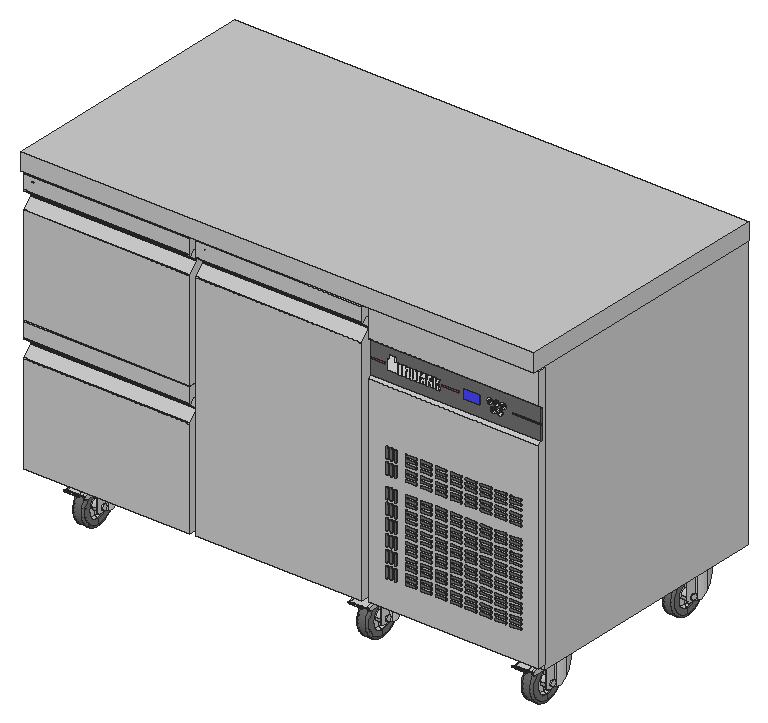
Revit family "QF_INOMAK_PNRP99_250612075801", category Specialty Equipment, Revit 2021 (continued)
Definition of nested family "QF_INOMAK_REF_COUNTERS_1345_2920"
  Definition of nested family "QF_INOMAK_CONRTOL-PANEL"
    Forms (mm)
      Extrusion 1, solid
        sketch origin (-2240, -700, 0) x (-1, 0, 0) y (0, 0, 1)
          loop
            arc (-1918.4, 210.855) -> (-1921.4, 207.855) -> (-1918.4, 204.855) r 3
            line (-1918.4, 204.855) -> (-1894.4, 204.855)
            arc (-1894.4, 204.855) -> (-1891.4, 207.855) -> (-1894.4, 210.855) r 3
            line (-1894.4, 210.855) -> (-1918.4, 210.855)
          loop
            arc (-2191.4, 199.855) -> (-2194.4, 196.855) -> (-2191.4, 193.855) r 3
            line (-2191.4, 193.855) -> (-2167.4, 193.855)
            arc (-2167.4, 193.855) -> (-2164.4, 196.855) -> (-2167.4, 199.855) r 3
            line (-2167.4, 199.855) -> (-2191.4, 199.855)
          loop
            arc (-2152.4, 199.855) -> (-2155.4, 196.855) -> (-2152.4, 193.855) r 3
            line (-2152.4, 193.855) -> (-2128.4, 193.855)
            arc (-2128.4, 193.855) -> (-2125.4, 196.855) -> (-2128.4, 199.855) r 3
            line (-2128.4, 199.855) -> (-2152.4, 199.855)
          loop
            arc (-2113.4, 199.855) -> (-2116.4, 196.855) -> (-2113.4, 193.855) r 3
            line (-2113.4, 193.855) -> (-2089.4, 193.855)
            arc (-2089.4, 193.855) -> (-2086.4, 196.855) -> (-2089.4, 199.855) r 3
            line (-2089.4, 199.855) -> (-2113.4, 199.855)
          loop
            arc (-2074.4, 199.855) -> (-2077.4, 196.855) -> (-2074.4, 193.855) r 3
            line (-2074.4, 193.855) -> (-2050.4, 193.855)
            arc (-2050.4, 193.855) -> (-2047.4, 196.855) -> (-2050.4, 199.855) r 3
            line (-2050.4, 199.855) -> (-2074.4, 199.855)
          loop
            arc (-2035.4, 199.855) -> (-2038.4, 196.855) -> (-2035.4, 193.855) r 3
            line (-2035.4, 193.855) -> (-2011.4, 193.855)
            arc (-2011.4, 193.855) -> (-2008.4, 196.855) -> (-2011.4, 199.855) r 3
            line (-2011.4, 199.855) -> (-2035.4, 199.855)
          loop
            arc (-1996.4, 199.855) -> (-1999.4, 196.855) -> (-1996.4, 193.855) r 3
            line (-1996.4, 193.855) -> (-1972.4, 193.855)
            arc (-1972.4, 193.855) -> (-1969.4, 196.855) -> (-1972.4, 199.855) r 3
            line (-1972.4, 199.855) -> (-1996.4, 199.855)
          loop
            arc (-1957.4, 199.855) -> (-1960.4, 196.855) -> (-1957.4, 193.855) r 3
            line (-1957.4, 193.855) -> (-1933.4, 193.855)
            arc (-1933.4, 193.855) -> (-1930.4, 196.855) -> (-1933.4, 199.855) r 3
            line (-1933.4, 199.855) -> (-1957.4, 199.855)
          loop
            arc (-1918.4, 199.855) -> (-1921.4, 196.855) -> (-1918.4, 193.855) r 3
            line (-1918.4, 193.855) -> (-1894.4, 193.855)
            arc (-1894.4, 193.855) -> (-1891.4, 196.855) -> (-1894.4, 199.855) r 3
            line (-1894.4, 199.855) -> (-1918.4, 199.855)
          loop
            arc (-2191.4, 184.855) -> (-2194.4, 181.855) -> (-2191.4, 178.855) r 3
            line (-2191.4, 178.855) -> (-2167.4, 178.855)
            arc (-2167.4, 178.855) -> (-2164.4, 181.855) -> (-2167.4, 184.855) r 3
            line (-2167.4, 184.855) -> (-2191.4, 184.855)
          loop
            arc (-2152.4, 184.855) -> (-2155.4, 181.855) -> (-2152.4, 178.855) r 3
            line (-2152.4, 178.855) -> (-2128.4, 178.855)
            arc (-2128.4, 178.855) -> (-2125.4, 181.855) -> (-2128.4, 184.855) r 3
            line (-2128.4, 184.855) -> (-2152.4, 184.855)
          loop
            arc (-2113.4, 184.855) -> (-2116.4, 181.855) -> (-2113.4, 178.855) r 3
            line (-2113.4, 178.855) -> (-2089.4, 178.855)
            arc (-2089.4, 178.855) -> (-2086.4, 181.855) -> (-2089.4, 184.855) r 3
            line (-2089.4, 184.855) -> (-2113.4, 184.855)
          loop
            arc (-2074.4, 184.855) -> (-2077.4, 181.855) -> (-2074.4, 178.855) r 3
            line (-2074.4, 178.855) -> (-2050.4, 178.855)
            arc (-2050.4, 178.855) -> (-2047.4, 181.855) -> (-2050.4, 184.855) r 3
            line (-2050.4, 184.855) -> (-2074.4, 184.855)
          loop
            arc (-2035.4, 184.855) -> (-2038.4, 181.855) -> (-2035.4, 178.855) r 3
            line (-2035.4, 178.855) -> (-2011.4, 178.855)
            arc (-2011.4, 178.855) -> (-2008.4, 181.855) -> (-2011.4, 184.855) r 3
            line (-2011.4, 184.855) -> (-2035.4, 184.855)
          loop
            arc (-1996.4, 184.855) -> (-1999.4, 181.855) -> (-1996.4, 178.855) r 3
            line (-1996.4, 178.855) -> (-1972.4, 178.855)
            arc (-1972.4, 178.855) -> (-1969.4, 181.855) -> (-1972.4, 184.855) r 3
            line (-1972.4, 184.855) -> (-1996.4, 184.855)
          loop
            arc (-1957.4, 184.855) -> (-1960.4, 181.855) -> (-1957.4, 178.855) r 3
            line (-1957.4, 178.855) -> (-1933.4, 178.855)
            arc (-1933.4, 178.855) -> (-1930.4, 181.855) -> (-1933.4, 184.855) r 3
            line (-1933.4, 184.855) -> (-1957.4, 184.855)
          loop
            arc (-1918.4, 184.855) -> (-1921.4, 181.855) -> (-1918.4, 178.855) r 3
            line (-1918.4, 178.855) -> (-1894.4, 178.855)
            arc (-1894.4, 178.855) -> (-1891.4, 181.855) -> (-1894.4, 184.855) r 3
            line (-1894.4, 184.855) -> (-1918.4, 184.855)
          loop
            arc (-2191.4, 173.855) -> (-2194.4, 170.855) -> (-2191.4, 167.855) r 3
            line (-2191.4, 167.855) -> (-2167.4, 167.855)
            arc (-2167.4, 167.855) -> (-2164.4, 170.855) -> (-2167.4, 173.855) r 3
            line (-2167.4, 173.855) -> (-2191.4, 173.855)
          loop
            arc (-2152.4, 173.855) -> (-2155.4, 170.855) -> (-2152.4, 167.855) r 3
            line (-2152.4, 167.855) -> (-2128.4, 167.855)
            arc (-2128.4, 167.855) -> (-2125.4, 170.855) -> (-2128.4, 173.855) r 3
            line (-2128.4, 173.855) -> (-2152.4, 173.855)
          loop
            arc (-2113.4, 173.855) -> (-2116.4, 170.855) -> (-2113.4, 167.855) r 3
            line (-2113.4, 167.855) -> (-2089.4, 167.855)
            arc (-2089.4, 167.855) -> (-2086.4, 170.855) -> (-2089.4, 173.855) r 3
            line (-2089.4, 173.855) -> (-2113.4, 173.855)
          loop
            arc (-2074.4, 173.855) -> (-2077.4, 170.855) -> (-2074.4, 167.855) r 3
            line (-2074.4, 167.855) -> (-2050.4, 167.855)
            arc (-2050.4, 167.855) -> (-2047.4, 170.855) -> (-2050.4, 173.855) r 3
            line (-2050.4, 173.855) -> (-2074.4, 173.855)
          loop
            arc (-2035.4, 173.855) -> (-2038.4, 170.855) -> (-2035.4, 167.855) r 3
            line (-2035.4, 167.855) -> (-2011.4, 167.855)
            arc (-2011.4, 167.855) -> (-2008.4, 170.855) -> (-2011.4, 173.855) r 3
            line (-2011.4, 173.855) -> (-2035.4, 173.855)
          loop
            arc (-1996.4, 173.855) -> (-1999.4, 170.855) -> (-1996.4, 167.855) r 3
            line (-1996.4, 167.855) -> (-1972.4, 167.855)
            arc (-1972.4, 167.855) -> (-1969.4, 170.855) -> (-1972.4, 173.855) r 3
            line (-1972.4, 173.855) -> (-1996.4, 173.855)
          loop
            arc (-1957.4, 173.855) -> (-1960.4, 170.855) -> (-1957.4, 167.855) r 3
            line (-1957.4, 167.855) -> (-1933.4, 167.855)
            arc (-1933.4, 167.855) -> (-1930.4, 170.855) -> (-1933.4, 173.855) r 3
            line (-1933.4, 173.855) -> (-1957.4, 173.855)
          loop
            arc (-1918.4, 173.855) -> (-1921.4, 170.855) -> (-1918.4, 167.855) r 3
            line (-1918.4, 167.855) -> (-1894.4, 167.855)
            arc (-1894.4, 167.855) -> (-1891.4, 170.855) -> (-1894.4, 173.855) r 3
            line (-1894.4, 173.855) -> (-1918.4, 173.855)
          loop
            arc (-2191.4, 162.855) -> (-2194.4, 159.855) -> (-2191.4, 156.855) r 3
            line (-2191.4, 156.855) -> (-2167.4, 156.855)
            arc (-2167.4, 156.855) -> (-2164.4, 159.855) -> (-2167.4, 162.855) r 3
            line (-2167.4, 162.855) -> (-2191.4, 162.855)
          loop
            arc (-2152.4, 162.855) -> (-2155.4, 159.855) -> (-2152.4, 156.855) r 3
            line (-2152.4, 156.855) -> (-2128.4, 156.855)
            arc (-2128.4, 156.855) -> (-2125.4, 159.855) -> (-2128.4, 162.855) r 3
            line (-2128.4, 162.855) -> (-2152.4, 162.855)
          loop
            arc (-2113.4, 162.855) -> (-2116.4, 159.855) -> (-2113.4, 156.855) r 3
            line (-2113.4, 156.855) -> (-2089.4, 156.855)
            arc (-2089.4, 156.855) -> (-2086.4, 159.855) -> (-2089.4, 162.855) r 3
            line (-2089.4, 162.855) -> (-2113.4, 162.855)
          loop
            arc (-2074.4, 162.855) -> (-2077.4, 159.855) -> (-2074.4, 156.855) r 3
            line (-2074.4, 156.855) -> (-2050.4, 156.855)
            arc (-2050.4, 156.855) -> (-2047.4, 159.855) -> (-2050.4, 162.855) r 3
            line (-2050.4, 162.855) -> (-2074.4, 162.855)
          loop
            arc (-2035.4, 162.855) -> (-2038.4, 159.855) -> (-2035.4, 156.855) r 3
            line (-2035.4, 156.855) -> (-2011.4, 156.855)
            arc (-2011.4, 156.855) -> (-2008.4, 159.855) -> (-2011.4, 162.855) r 3
            line (-2011.4, 162.855) -> (-2035.4, 162.855)
          loop
            arc (-1996.4, 162.855) -> (-1999.4, 159.855) -> (-1996.4, 156.855) r 3
            line (-1996.4, 156.855) -> (-1972.4, 156.855)
            arc (-1972.4, 156.855) -> (-1969.4, 159.855) -> (-1972.4, 162.855) r 3
            line (-1972.4, 162.855) -> (-1996.4, 162.855)
          loop
            arc (-1957.4, 162.855) -> (-1960.4, 159.855) -> (-1957.4, 156.855) r 3
            line (-1957.4, 156.855) -> (-1933.4, 156.855)
            arc (-1933.4, 156.855) -> (-1930.4, 159.855) -> (-1933.4, 162.855) r 3
            line (-1933.4, 162.855) -> (-1957.4, 162.855)
          loop
            arc (-1918.4, 162.855) -> (-1921.4, 159.855) -> (-1918.4, 156.855) r 3
            line (-1918.4, 156.855) -> (-1894.4, 156.855)
            arc (-1894.4, 156.855) -> (-1891.4, 159.855) -> (-1894.4, 162.855) r 3
            line (-1894.4, 162.855) -> (-1918.4, 162.855)
          loop
            arc (-2191.4, 147.855) -> (-2194.4, 144.855) -> (-2191.4, 141.855) r 3
            line (-2191.4, 141.855) -> (-2167.4, 141.855)
            arc (-2167.4, 141.855) -> (-2164.4, 144.855) -> (-2167.4, 147.855) r 3
            line (-2167.4, 147.855) -> (-2191.4, 147.855)
          loop
            arc (-2152.4, 147.855) -> (-2155.4, 144.855) -> (-2152.4, 141.855) r 3
            line (-2152.4, 141.855) -> (-2128.4, 141.855)
            arc (-2128.4, 141.855) -> (-2125.4, 144.855) -> (-2128.4, 147.855) r 3
            line (-2128.4, 147.855) -> (-2152.4, 147.855)
          loop
            arc (-2113.4, 147.855) -> (-2116.4, 144.855) -> (-2113.4, 141.855) r 3
            line (-2113.4, 141.855) -> (-2089.4, 141.855)
            arc (-2089.4, 141.855) -> (-2086.4, 144.855) -> (-2089.4, 147.855) r 3
            line (-2089.4, 147.855) -> (-2113.4, 147.855)
          loop
            arc (-2074.4, 147.855) -> (-2077.4, 144.855) -> (-2074.4, 141.855) r 3
            line (-2074.4, 141.855) -> (-2050.4, 141.855)
            arc (-2050.4, 141.855) -> (-2047.4, 144.855) -> (-2050.4, 147.855) r 3
            line (-2050.4, 147.855) -> (-2074.4, 147.855)
          loop
            arc (-2035.4, 147.855) -> (-2038.4, 144.855) -> (-2035.4, 141.855) r 3
            line (-2035.4, 141.855) -> (-2011.4, 141.855)
            arc (-2011.4, 141.855) -> (-2008.4, 144.855) -> (-2011.4, 147.855) r 3
            line (-2011.4, 147.855) -> (-2035.4, 147.855)
          loop
            arc (-1996.4, 147.855) -> (-1999.4, 144.855) -> (-1996.4, 141.855) r 3
            line (-1996.4, 141.855) -> (-1972.4, 141.855)
            arc (-1972.4, 141.855) -> (-1969.4, 144.855) -> (-1972.4, 147.855) r 3
            line (-1972.4, 147.855) -> (-1996.4, 147.855)
          loop
            arc (-1957.4, 147.855) -> (-1960.4, 144.855) -> (-1957.4, 141.855) r 3
            line (-1957.4, 141.855) -> (-1933.4, 141.855)
            arc (-1933.4, 141.855) -> (-1930.4, 144.855) -> (-1933.4, 147.855) r 3
            line (-1933.4, 147.855) -> (-1957.4, 147.855)
          loop
            arc (-1918.4, 147.855) -> (-1921.4, 144.855) -> (-1918.4, 141.855) r 3
            line (-1918.4, 141.855) -> (-1894.4, 141.855)
            arc (-1894.4, 141.855) -> (-1891.4, 144.855) -> (-1894.4, 147.855) r 3
            line (-1894.4, 147.855) -> (-1918.4, 147.855)
          loop
            arc (-2191.4, 136.855) -> (-2194.4, 133.855) -> (-2191.4, 130.855) r 3
            line (-2191.4, 130.855) -> (-2167.4, 130.855)
            arc (-2167.4, 130.855) -> (-2164.4, 133.855) -> (-2167.4, 136.855) r 3
            line (-2167.4, 136.855) -> (-2191.4, 136.855)
          loop
            arc (-2152.4, 136.855) -> (-2155.4, 133.855) -> (-2152.4, 130.855) r 3
            line (-2152.4, 130.855) -> (-2128.4, 130.855)
            arc (-2128.4, 130.855) -> (-2125.4, 133.855) -> (-2128.4, 136.855) r 3
            line (-2128.4, 136.855) -> (-2152.4, 136.855)
          loop
            arc (-2113.4, 136.855) -> (-2116.4, 133.855) -> (-2113.4, 130.855) r 3
            line (-2113.4, 130.855) -> (-2089.4, 130.855)
            arc (-2089.4, 130.855) -> (-2086.4, 133.855) -> (-2089.4, 136.855) r 3
            line (-2089.4, 136.855) -> (-2113.4, 136.855)
          loop
            arc (-2074.4, 136.855) -> (-2077.4, 133.855) -> (-2074.4, 130.855) r 3
            line (-2074.4, 130.855) -> (-2050.4, 130.855)
            arc (-2050.4, 130.855) -> (-2047.4, 133.855) -> (-2050.4, 136.855) r 3
            line (-2050.4, 136.855) -> (-2074.4, 136.855)
          loop
            arc (-2035.4, 136.855) -> (-2038.4, 133.855) -> (-2035.4, 130.855) r 3
            line (-2035.4, 130.855) -> (-2011.4, 130.855)
            arc (-2011.4, 130.855) -> (-2008.4, 133.855) -> (-2011.4, 136.855) r 3
            line (-2011.4, 136.855) -> (-2035.4, 136.855)
          loop
            arc (-1996.4, 136.855) -> (-1999.4, 133.855) -> (-1996.4, 130.855) r 3
            line (-1996.4, 130.855) -> (-1972.4, 130.855)
            arc (-1972.4, 130.855) -> (-1969.4, 133.855) -> (-1972.4, 136.855) r 3
            line (-1972.4, 136.855) -> (-1996.4, 136.855)
          loop
            arc (-1957.4, 136.855) -> (-1960.4, 133.855) -> (-1957.4, 130.855) r 3
            line (-1957.4, 130.855) -> (-1933.4, 130.855)
            arc (-1933.4, 130.855) -> (-1930.4, 133.855) -> (-1933.4, 136.855) r 3
            line (-1933.4, 136.855) -> (-1957.4, 136.855)
          loop
            arc (-1918.4, 136.855) -> (-1921.4, 133.855) -> (-1918.4, 130.855) r 3
            line (-1918.4, 130.855) -> (-1894.4, 130.855)
            arc (-1894.4, 130.855) -> (-1891.4, 133.855) -> (-1894.4, 136.855) r 3
            line (-1894.4, 136.855) -> (-1918.4, 136.855)
          loop
            arc (-2191.4, 125.855) -> (-2194.4, 122.855) -> (-2191.4, 119.855) r 3
            line (-2191.4, 119.855) -> (-2167.4, 119.855)
            arc (-2167.4, 119.855) -> (-2164.4, 122.855) -> (-2167.4, 125.855) r 3
            line (-2167.4, 125.855) -> (-2191.4, 125.855)
          loop
            arc (-2152.4, 125.855) -> (-2155.4, 122.855) -> (-2152.4, 119.855) r 3
            line (-2152.4, 119.855) -> (-2128.4, 119.855)
            arc (-2128.4, 119.855) -> (-2125.4, 122.855) -> (-2128.4, 125.855) r 3
            line (-2128.4, 125.855) -> (-2152.4, 125.855)
          loop
            arc (-2113.4, 125.855) -> (-2116.4, 122.855) -> (-2113.4, 119.855) r 3
            line (-2113.4, 119.855) -> (-2089.4, 119.855)
            arc (-2089.4, 119.855) -> (-2086.4, 122.855) -> (-2089.4, 125.855) r 3
            line (-2089.4, 125.855) -> (-2113.4, 125.855)
          loop
            arc (-2074.4, 125.855) -> (-2077.4, 122.855) -> (-2074.4, 119.855) r 3
            line (-2074.4, 119.855) -> (-2050.4, 119.855)
            arc (-2050.4, 119.855) -> (-2047.4, 122.855) -> (-2050.4, 125.855) r 3
            line (-2050.4, 125.855) -> (-2074.4, 125.855)
          loop
            arc (-2035.4, 125.855) -> (-2038.4, 122.855) -> (-2035.4, 119.855) r 3
            line (-2035.4, 119.855) -> (-2011.4, 119.855)
            arc (-2011.4, 119.855) -> (-2008.4, 122.855) -> (-2011.4, 125.855) r 3
            line (-2011.4, 125.855) -> (-2035.4, 125.855)
          loop
            arc (-1996.4, 125.855) -> (-1999.4, 122.855) -> (-1996.4, 119.855) r 3
            line (-1996.4, 119.855) -> (-1972.4, 119.855)
            arc (-1972.4, 119.855) -> (-1969.4, 122.855) -> (-1972.4, 125.855) r 3
            line (-1972.4, 125.855) -> (-1996.4, 125.855)
          loop
            arc (-1957.4, 125.855) -> (-1960.4, 122.855) -> (-1957.4, 119.855) r 3
            line (-1957.4, 119.855) -> (-1933.4, 119.855)
            arc (-1933.4, 119.855) -> (-1930.4, 122.855) -> (-1933.4, 125.855) r 3
            line (-1933.4, 125.855) -> (-1957.4, 125.855)
          loop
            arc (-1918.4, 125.855) -> (-1921.4, 122.855) -> (-1918.4, 119.855) r 3
            line (-1918.4, 119.855) -> (-1894.4, 119.855)
            arc (-1894.4, 119.855) -> (-1891.4, 122.855) -> (-1894.4, 125.855) r 3
            line (-1894.4, 125.855) -> (-1918.4, 125.855)
          loop
            arc (-2191.4, 110.855) -> (-2194.4, 107.855) -> (-2191.4, 104.855) r 3
            line (-2191.4, 104.855) -> (-2167.4, 104.855)
            arc (-2167.4, 104.855) -> (-2164.4, 107.855) -> (-2167.4, 110.855) r 3
            line (-2167.4, 110.855) -> (-2191.4, 110.855)
          loop
            arc (-2152.4, 110.855) -> (-2155.4, 107.855) -> (-2152.4, 104.855) r 3
            line (-2152.4, 104.855) -> (-2128.4, 104.855)
            arc (-2128.4, 104.855) -> (-2125.4, 107.855) -> (-2128.4, 110.855) r 3
            line (-2128.4, 110.855) -> (-2152.4, 110.855)
          loop
            arc (-2113.4, 110.855) -> (-2116.4, 107.855) -> (-2113.4, 104.855) r 3
            line (-2113.4, 104.855) -> (-2089.4, 104.855)
            arc (-2089.4, 104.855) -> (-2086.4, 107.855) -> (-2089.4, 110.855) r 3
            line (-2089.4, 110.855) -> (-2113.4, 110.855)
          loop
            arc (-2074.4, 110.855) -> (-2077.4, 107.855) -> (-2074.4, 104.855) r 3
            line (-2074.4, 104.855) -> (-2050.4, 104.855)
            arc (-2050.4, 104.855) -> (-2047.4, 107.855) -> (-2050.4, 110.855) r 3
            line (-2050.4, 110.855) -> (-2074.4, 110.855)
          loop
            arc (-2035.4, 110.855) -> (-2038.4, 107.855) -> (-2035.4, 104.855) r 3
            line (-2035.4, 104.855) -> (-2011.4, 104.855)
            arc (-2011.4, 104.855) -> (-2008.4, 107.855) -> (-2011.4, 110.855) r 3
            line (-2011.4, 110.855) -> (-2035.4, 110.855)
          loop
            arc (-1996.4, 110.855) -> (-1999.4, 107.855) -> (-1996.4, 104.855) r 3
            line (-1996.4, 104.855) -> (-1972.4, 104.855)
            arc (-1972.4, 104.855) -> (-1969.4, 107.855) -> (-1972.4, 110.855) r 3
            line (-1972.4, 110.855) -> (-1996.4, 110.855)
          loop
            arc (-1957.4, 110.855) -> (-1960.4, 107.855) -> (-1957.4, 104.855) r 3
            line (-1957.4, 104.855) -> (-1933.4, 104.855)
            arc (-1933.4, 104.855) -> (-1930.4, 107.855) -> (-1933.4, 110.855) r 3
            line (-1933.4, 110.855) -> (-1957.4, 110.855)
          loop
            arc (-1918.4, 110.855) -> (-1921.4, 107.855) -> (-1918.4, 104.855) r 3
            line (-1918.4, 104.855) -> (-1894.4, 104.855)
            arc (-1894.4, 104.855) -> (-1891.4, 107.855) -> (-1894.4, 110.855) r 3
            line (-1894.4, 110.855) -> (-1918.4, 110.855)
          loop
            arc (-2191.4, 99.855) -> (-2194.4, 96.855) -> (-2191.4, 93.855) r 3
            line (-2191.4, 93.855) -> (-2167.4, 93.855)
            arc (-2167.4, 93.855) -> (-2164.4, 96.855) -> (-2167.4, 99.855) r 3
            line (-2167.4, 99.855) -> (-2191.4, 99.855)
          loop
            arc (-2152.4, 99.855) -> (-2155.4, 96.855) -> (-2152.4, 93.855) r 3
            line (-2152.4, 93.855) -> (-2128.4, 93.855)
            arc (-2128.4, 93.855) -> (-2125.4, 96.855) -> (-2128.4, 99.855) r 3
            line (-2128.4, 99.855) -> (-2152.4, 99.855)
          loop
            arc (-2113.4, 99.855) -> (-2116.4, 96.855) -> (-2113.4, 93.855) r 3
            line (-2113.4, 93.855) -> (-2089.4, 93.855)
            arc (-2089.4, 93.855) -> (-2086.4, 96.855) -> (-2089.4, 99.855) r 3
            line (-2089.4, 99.855) -> (-2113.4, 99.855)
          loop
            arc (-2074.4, 99.855) -> (-2077.4, 96.855) -> (-2074.4, 93.855) r 3
            line (-2074.4, 93.855) -> (-2050.4, 93.855)
            arc (-2050.4, 93.855) -> (-2047.4, 96.855) -> (-2050.4, 99.855) r 3
            line (-2050.4, 99.855) -> (-2074.4, 99.855)
          loop
            arc (-2035.4, 99.855) -> (-2038.4, 96.855) -> (-2035.4, 93.855) r 3
            line (-2035.4, 93.855) -> (-2011.4, 93.855)
            arc (-2011.4, 93.855) -> (-2008.4, 96.855) -> (-2011.4, 99.855) r 3
            line (-2011.4, 99.855) -> (-2035.4, 99.855)
          loop
            arc (-1996.4, 99.855) -> (-1999.4, 96.855) -> (-1996.4, 93.855) r 3
            line (-1996.4, 93.855) -> (-1972.4, 93.855)
            arc (-1972.4, 93.855) -> (-1969.4, 96.855) -> (-1972.4, 99.855) r 3
            line (-1972.4, 99.855) -> (-1996.4, 99.855)
          loop
            arc (-1957.4, 99.855) -> (-1960.4, 96.855) -> (-1957.4, 93.855) r 3
            line (-1957.4, 93.855) -> (-1933.4, 93.855)
            arc (-1933.4, 93.855) -> (-1930.4, 96.855) -> (-1933.4, 99.855) r 3
            line (-1933.4, 99.855) -> (-1957.4, 99.855)
          loop
            arc (-1918.4, 99.855) -> (-1921.4, 96.855) -> (-1918.4, 93.855) r 3
            line (-1918.4, 93.855) -> (-1894.4, 93.855)
            arc (-1894.4, 93.855) -> (-1891.4, 96.855) -> (-1894.4, 99.855) r 3
            line (-1894.4, 99.855) -> (-1918.4, 99.855)
          loop
            arc (-2191.4, 88.855) -> (-2194.4, 85.855) -> (-2191.4, 82.855) r 3
            line (-2191.4, 82.855) -> (-2167.4, 82.855)
            arc (-2167.4, 82.855) -> (-2164.4, 85.855) -> (-2167.4, 88.855) r 3
            line (-2167.4, 88.855) -> (-2191.4, 88.855)
          loop
            arc (-2152.4, 88.855) -> (-2155.4, 85.855) -> (-2152.4, 82.855) r 3
            line (-2152.4, 82.855) -> (-2128.4, 82.855)
            arc (-2128.4, 82.855) -> (-2125.4, 85.855) -> (-2128.4, 88.855) r 3
            line (-2128.4, 88.855) -> (-2152.4, 88.855)
          loop
            arc (-2113.4, 88.855) -> (-2116.4, 85.855) -> (-2113.4, 82.855) r 3
            line (-2113.4, 82.855) -> (-2089.4, 82.855)
            arc (-2089.4, 82.855) -> (-2086.4, 85.855) -> (-2089.4, 88.855) r 3
            line (-2089.4, 88.855) -> (-2113.4, 88.855)
          loop
            arc (-2074.4, 88.855) -> (-2077.4, 85.855) -> (-2074.4, 82.855) r 3
            line (-2074.4, 82.855) -> (-2050.4, 82.855)
            arc (-2050.4, 82.855) -> (-2047.4, 85.855) -> (-2050.4, 88.855) r 3
            line (-2050.4, 88.855) -> (-2074.4, 88.855)
          loop
            arc (-2035.4, 88.855) -> (-2038.4, 85.855) -> (-2035.4, 82.855) r 3
            line (-2035.4, 82.855) -> (-2011.4, 82.855)
            arc (-2011.4, 82.855) -> (-2008.4, 85.855) -> (-2011.4, 88.855) r 3
            line (-2011.4, 88.855) -> (-2035.4, 88.855)
          loop
            arc (-1996.4, 88.855) -> (-1999.4, 85.855) -> (-1996.4, 82.855) r 3
            line (-1996.4, 82.855) -> (-1972.4, 82.855)
            arc (-1972.4, 82.855) -> (-1969.4, 85.855) -> (-1972.4, 88.855) r 3
            line (-1972.4, 88.855) -> (-1996.4, 88.855)
          loop
            arc (-1957.4, 88.855) -> (-1960.4, 85.855) -> (-1957.4, 82.855) r 3
            line (-1957.4, 82.855) -> (-1933.4, 82.855)
            arc (-1933.4, 82.855) -> (-1930.4, 85.855) -> (-1933.4, 88.855) r 3
            line (-1933.4, 88.855) -> (-1957.4, 88.855)
          loop
            arc (-1918.4, 88.855) -> (-1921.4, 85.855) -> (-1918.4, 82.855) r 3
            line (-1918.4, 82.855) -> (-1894.4, 82.855)
            arc (-1894.4, 82.855) -> (-1891.4, 85.855) -> (-1894.4, 88.855) r 3
            line (-1894.4, 88.855) -> (-1918.4, 88.855)
          loop
            arc (-1840.4, 387.855) -> (-1843.4, 390.855) -> (-1846.4, 387.855) r 3
            line (-1846.4, 387.855) -> (-1846.4, 363.855)
            arc (-1846.4, 363.855) -> (-1843.4, 360.855) -> (-1840.4, 363.855) r 3
            line (-1840.4, 363.855) -> (-1840.4, 387.855)
          loop
            arc (-1851.4, 387.855) -> (-1854.4, 390.855) -> (-1857.4, 387.855) r 3
            line (-1857.4, 387.855) -> (-1857.4, 363.855)
            arc (-1857.4, 363.855) -> (-1854.4, 360.855) -> (-1851.4, 363.855) r 3
            line (-1851.4, 363.855) -> (-1851.4, 387.855)
          loop
            arc (-1862.4, 387.855) -> (-1865.4, 390.855) -> (-1868.4, 387.855) r 3
            line (-1868.4, 387.855) -> (-1868.4, 363.855)
            arc (-1868.4, 363.855) -> (-1865.4, 360.855) -> (-1862.4, 363.855) r 3
            line (-1862.4, 363.855) -> (-1862.4, 387.855)
          loop
            arc (-1840.4, 350.855) -> (-1843.4, 353.855) -> (-1846.4, 350.855) r 3
            line (-1846.4, 350.855) -> (-1846.4, 326.855)
            arc (-1846.4, 326.855) -> (-1843.4, 323.855) -> (-1840.4, 326.855) r 3
            line (-1840.4, 326.855) -> (-1840.4, 350.855)
          loop
            arc (-1851.4, 350.855) -> (-1854.4, 353.855) -> (-1857.4, 350.855) r 3
            line (-1857.4, 350.855) -> (-1857.4, 326.855)
            arc (-1857.4, 326.855) -> (-1854.4, 323.855) -> (-1851.4, 326.855) r 3
            line (-1851.4, 326.855) -> (-1851.4, 350.855)
          loop
            arc (-1862.4, 350.855) -> (-1865.4, 353.855) -> (-1868.4, 350.855) r 3
            line (-1868.4, 350.855) -> (-1868.4, 326.855)
            arc (-1868.4, 326.855) -> (-1865.4, 323.855) -> (-1862.4, 326.855) r 3
            line (-1862.4, 326.855) -> (-1862.4, 350.855)
          loop
            arc (-1840.4, 293.855) -> (-1843.4, 296.855) -> (-1846.4, 293.855) r 3
            line (-1846.4, 293.855) -> (-1846.4, 269.855)
            arc (-1846.4, 269.855) -> (-1843.4, 266.855) -> (-1840.4, 269.855) r 3
            line (-1840.4, 269.855) -> (-1840.4, 293.855)
          loop
            arc (-1851.4, 293.855) -> (-1854.4, 296.855) -> (-1857.4, 293.855) r 3
            line (-1857.4, 293.855) -> (-1857.4, 269.855)
            arc (-1857.4, 269.855) -> (-1854.4, 266.855) -> (-1851.4, 269.855) r 3
            line (-1851.4, 269.855) -> (-1851.4, 293.855)
          loop
            arc (-1862.4, 293.855) -> (-1865.4, 296.855) -> (-1868.4, 293.855) r 3
            line (-1868.4, 293.855) -> (-1868.4, 269.855)
            arc (-1868.4, 269.855) -> (-1865.4, 266.855) -> (-1862.4, 269.855) r 3
            line (-1862.4, 269.855) -> (-1862.4, 293.855)
          loop
            arc (-1840.4, 256.855) -> (-1843.4, 259.855) -> (-1846.4, 256.855) r 3
            line (-1846.4, 256.855) -> (-1846.4, 232.855)
            arc (-1846.4, 232.855) -> (-1843.4, 229.855) -> (-1840.4, 232.855) r 3
            line (-1840.4, 232.855) -> (-1840.4, 256.855)
          loop
            arc (-1851.4, 256.855) -> (-1854.4, 259.855) -> (-1857.4, 256.855) r 3
            line (-1857.4, 256.855) -> (-1857.4, 232.855)
            arc (-1857.4, 232.855) -> (-1854.4, 229.855) -> (-1851.4, 232.855) r 3
            line (-1851.4, 232.855) -> (-1851.4, 256.855)
          loop
            arc (-1862.4, 256.855) -> (-1865.4, 259.855) -> (-1868.4, 256.855) r 3
            line (-1868.4, 256.855) -> (-1868.4, 232.855)
            arc (-1868.4, 232.855) -> (-1865.4, 229.855) -> (-1862.4, 232.855) r 3
            line (-1862.4, 232.855) -> (-1862.4, 256.855)
          loop
            arc (-1840.4, 219.855) -> (-1843.4, 222.855) -> (-1846.4, 219.855) r 3
            line (-1846.4, 219.855) -> (-1846.4, 195.855)
            arc (-1846.4, 195.855) -> (-1843.4, 192.855) -> (-1840.4, 195.855) r 3
            line (-1840.4, 195.855) -> (-1840.4, 219.855)
          loop
            arc (-1851.4, 219.855) -> (-1854.4, 222.855) -> (-1857.4, 219.855) r 3
            line (-1857.4, 219.855) -> (-1857.4, 195.855)
            arc (-1857.4, 195.855) -> (-1854.4, 192.855) -> (-1851.4, 195.855) r 3
            line (-1851.4, 195.855) -> (-1851.4, 219.855)
          loop
            arc (-1862.4, 219.855) -> (-1865.4, 222.855) -> (-1868.4, 219.855) r 3
            line (-1868.4, 219.855) -> (-1868.4, 195.855)
            arc (-1868.4, 195.855) -> (-1865.4, 192.855) -> (-1862.4, 195.855) r 3
            line (-1862.4, 195.855) -> (-1862.4, 219.855)
          loop
            arc (-1840.4, 182.855) -> (-1843.4, 185.855) -> (-1846.4, 182.855) r 3
            line (-1846.4, 182.855) -> (-1846.4, 158.855)
            arc (-1846.4, 158.855) -> (-1843.4, 155.855) -> (-1840.4, 158.855) r 3
            line (-1840.4, 158.855) -> (-1840.4, 182.855)
          loop
            arc (-1851.4, 182.855) -> (-1854.4, 185.855) -> (-1857.4, 182.855) r 3
            line (-1857.4, 182.855) -> (-1857.4, 158.855)
            arc (-1857.4, 158.855) -> (-1854.4, 155.855) -> (-1851.4, 158.855) r 3
            line (-1851.4, 158.855) -> (-1851.4, 182.855)
          loop
            arc (-1862.4, 182.855) -> (-1865.4, 185.855) -> (-1868.4, 182.855) r 3
            line (-1868.4, 182.855) -> (-1868.4, 158.855)
            arc (-1868.4, 158.855) -> (-1865.4, 155.855) -> (-1862.4, 158.855) r 3
            line (-1862.4, 158.855) -> (-1862.4, 182.855)
          loop
            arc (-1840.4, 145.855) -> (-1843.4, 148.855) -> (-1846.4, 145.855) r 3
            line (-1846.4, 145.855) -> (-1846.4, 121.855)
            arc (-1846.4, 121.855) -> (-1843.4, 118.855) -> (-1840.4, 121.855) r 3
            line (-1840.4, 121.855) -> (-1840.4, 145.855)
          loop
            arc (-1851.4, 145.855) -> (-1854.4, 148.855) -> (-1857.4, 145.855) r 3
            line (-1857.4, 145.855) -> (-1857.4, 121.855)
            arc (-1857.4, 121.855) -> (-1854.4, 118.855) -> (-1851.4, 121.855) r 3
            line (-1851.4, 121.855) -> (-1851.4, 145.855)
          loop
            arc (-1862.4, 145.855) -> (-1865.4, 148.855) -> (-1868.4, 145.855) r 3
            line (-1868.4, 145.855) -> (-1868.4, 121.855)
            arc (-1868.4, 121.855) -> (-1865.4, 118.855) -> (-1862.4, 121.855) r 3
            line (-1862.4, 121.855) -> (-1862.4, 145.855)
          loop
            arc (-1840.4, 108.855) -> (-1843.4, 111.855) -> (-1846.4, 108.855) r 3
            line (-1846.4, 108.855) -> (-1846.4, 84.855)
            arc (-1846.4, 84.855) -> (-1843.4, 81.855) -> (-1840.4, 84.855) r 3
            line (-1840.4, 84.855) -> (-1840.4, 108.855)
          loop
            arc (-1851.4, 108.855) -> (-1854.4, 111.855) -> (-1857.4, 108.855) r 3
            line (-1857.4, 108.855) -> (-1857.4, 84.855)
            arc (-1857.4, 84.855) -> (-1854.4, 81.855) -> (-1851.4, 84.855) r 3
            line (-1851.4, 84.855) -> (-1851.4, 108.855)
          loop
            arc (-1862.4, 108.855) -> (-1865.4, 111.855) -> (-1868.4, 108.855) r 3
            line (-1868.4, 108.855) -> (-1868.4, 84.855)
            arc (-1868.4, 84.855) -> (-1865.4, 81.855) -> (-1862.4, 84.855) r 3
            line (-1862.4, 84.855) -> (-1862.4, 108.855)
        from 16.5 to 19
    Dimensions and locks
      "Length": plane 3 "Left" to plane 4 "Right"
      "Depth": plane 5 "Front" to plane 1 "Back"
      "Front offset": plane 7 "Front offset" to plane 5 "Front"
      "Height": plane 6 "Top" to plane 2
      aligned and locked: level to plane 2
    Automatic sketch dimensions
      plane 4 "Right" to Extrusion 1 sketch curve = 48.6 mm  (x3)
      Extrusion 1 sketch curve to Extrusion 1 sketch curve = 0 mm  (x322)
      Extrusion 1 sketch curve to Extrusion 1 sketch curve = 24 mm  (x53)
      Extrusion 1 sketch curve to Extrusion 1 sketch curve = 15 mm  (x52)
      Extrusion 1 sketch curve to Extrusion 1 sketch curve = 26 mm  (x7)
      Extrusion 1 sketch curve to Extrusion 1 sketch curve = 3 mm  (x216)
      Extrusion 1 sketch curve to Extrusion 1 sketch curve = 5 mm  (x144)
      level to Extrusion 1 sketch curve = 82.855 mm  (x2)
      Extrusion 1 sketch curve to Extrusion 1 sketch curve = 2 mm
      Extrusion 1 sketch curve to Extrusion 1 sketch curve = 9 mm  (x48)
      Extrusion 1 sketch curve to Extrusion 1 sketch curve = 13 mm  (x9)
      Extrusion 1 sketch curve to Extrusion 1 sketch curve = 29 mm  (x6)
      Extrusion 1 sketch curve to Extrusion 1 sketch curve = 33 mm
Definition of nested family "QF_INOMAK_REF_COUNTERS_DOORS_DRAWERS_6956"
  Parameters (values of type "DR-LX-710")
    Weight [instance] = 0.00 kg
    Warranty Start Date [instance] = ""
    Warranty Duration [instance] = ""
    URL Cutsheet [instance] = ""
    URL = "www.inomak.com"
    Top inset [instance] = 10 mm
    Technical Documentation [instance] = ""
    Tag Number [instance] = ""
    Status [instance] = ""
    Specification by User [instance] = ""
    Specification by Manufacturer [instance] = ""
    Sound Level [instance] = ""
    Solid Fuel Type [instance] = ""
    Show Logo [instance] = yes
    Show Clearances [instance] = yes
    Service Life Duration [instance] = ""
    Serial Number [instance] = ""
    Seismic Rating [instance] = ""
    SMACNA No [instance] = ""
    Right panel thickness [instance] = 0 mm
    Revision Code [instance] = ""
    Revision [instance] = ""
    Rear inset [instance] = 0 mm
    Production Year [instance] = ""
    Point Load [instance] = 0
    Plinth height [instance] = 0 mm
    Other Equipment Approvals [instance] = ""
    NAFEM Spec ID Number [instance] = ""
    Model Warning [instance] = ""
    Model = "DR-LX-710"
    Masterspec [instance] = ""
    Manufacturer = "INOMAK"
    Length Actual [instance] = 435 mm
    Left panel thickness [instance] = 0 mm
    Item Number [instance] = ""
    Installed By [instance] = ""
    Installation Date [instance] = ""
    Identify Quantity as Lot [instance] = yes
    ID [instance] = ""
    Hygiene Approval [instance] = ""
    Height Actual [instance] = 710 mm
    Furnished By [instance] = ""
    Front inset [instance] = 10 mm
    Foodservice Equipment Identifier [instance] = yes
    Finish [instance] = none
    ETL Approved [instance] = yes
    Doors drawers type [instance] = 8
    Description = "LEFT HINGED DOOR"
    Depth Actual [instance] = 700 mm
    Default Elevation = 0 mm
    CSI MasterFormat [instance] = ""
    CE Approved [instance] = yes
    Bottom inset [instance] = 10 mm
    Barcode [instance] = ""
    Author [instance] = ""
    Asset Identifier [instance] = ""
    Assembly Code = "E1090320"
    Accessory [instance] = yes
  Types (9, lengths in mm): name | Model | Height Actual | Doors drawers type | Description
    DW-2-710 | "DW-2-710" | 710 | 4 | "2 X GN 1/2 DRAWERS"
    DR-LX-710 | "DR-LX-710" | 710 | 8 | "LEFT HINGED DOOR"
    DR-RX-710 | "DR-RX-710" | 710 | 9 | "RIGHT HINGED DOOR"
    DW-3-710 | "DW-3-710" | 710 | 6 | "3 X GN 1/3 DRAWERS"
    DW-B-710 | "DW-B-710" | 710 | 5 | "1 X GN 1/3 & 1 X GN 2/3 DRAWERS"
    DW-2-483 | "DW-2-483" | 483 | 4 | "2 X GN 1/3 DRAWERS"
    DR-LX-483 | "DR-LX-483" | 483 | 8 | "LEFT HINGED DOOR"
    DR-RX-483 | "DR-RX-483" | 483 | 9 | "RIGHT HINGED DOOR"
    DW-1-483 | "DW-1-483" | 483 | 10 | "1 X GN 2/3 DRAWER"
  Reference planes
    plane 1 "Front": y = 0
    plane 2: z = 0
    plane 3 "Left": x = 0
    plane 4 "Right": x = 435
    plane 5 "Back": y = 700
    plane 6 "Top": z = 710
    plane 7 "Bottom shelf": z = 0
    plane 8: z = 700
    plane 9: z = 10
    plane 10: x = 0
    plane 11: x = 435
    plane 12 "Center Top Bottom": z = 355
  Lines and regions (mm)
    reference lines
      curve 1: line (0, 0, 355) -> (0, 25, 355)
      curve 2: line (435, 0, 355) -> (435, 25, 355)
      curve 3: line (0, 700, 355) -> (435, 700, 355)
      curve 4: line (0, 0, 355) -> (435, 0, 355)
  Dimensions and locks
    "Length Actual": plane 3 "Left" to plane 4 "Right"
    "Depth Actual": plane 1 "Front" to plane 5 "Back"
    "Height Actual": plane 6 "Top" to plane 7 "Bottom shelf"
    "Plinth height": plane 7 "Bottom shelf" to plane 2
    "Top inset": plane 6 "Top" to plane 8
    "Bottom inset": plane 9 to plane 7 "Bottom shelf"
    "Left panel thickness": plane 3 "Left" to plane 10
    "Right panel thickness": plane 11 to plane 4 "Right"
    equal spacing: plane 6 "Top", plane 12 "Center Top Bottom", plane 7 "Bottom shelf"
    "Length Actual": curve 1 to plane 4 "Right"
    "Length Actual": plane 3 "Left" to curve 2
    "Depth Actual": plane 1 "Front" to curve 3
    "Depth Actual": plane 5 "Back" to curve 4
    aligned and locked: level to plane 2
    aligned and locked: plane 3 "Left" to nested 1
    aligned and locked: plane 3 "Left" to nested 2
    aligned and locked: plane 3 "Left" to nested 3
    aligned and locked: plane 3 "Left" to nested 4
    aligned and locked: plane 3 "Left" to nested 5
    aligned and locked: plane 3 "Left" to nested 6
    aligned and locked: plane 3 "Left" to nested 7
    aligned and locked: plane 3 "Left" to nested 8
    aligned and locked: plane 3 "Left" to nested 9
    aligned and locked: nested 4 to plane 1 "Front"
    aligned and locked: nested 6 to plane 1 "Front"
    aligned and locked: nested 8 to plane 1 "Front"
    aligned and locked: nested 5 to plane 1 "Front"
    aligned and locked: nested 3 to plane 1 "Front"
    aligned and locked: nested 7 to plane 1 "Front"
    aligned and locked: nested 2 to plane 1 "Front"
    aligned and locked: nested 1 to plane 1 "Front"
    aligned and locked: nested 9 to plane 1 "Front"
  Automatic sketch dimensions
    curve 3 to plane 4 "Right" = 0 mm
    curve 3 to plane 3 "Left" = 0 mm
    curve 2 to curve 2 = 25 mm
    curve 1 to curve 1 = 25 mm
  Nested families
    nested 1: "Right_Door" at (0, 700, 0), Depth Actual <- "Depth Actual", Height Actual <- "Height Actual", Length Actual <- "Length Actual", Front inset <- "Front inset", Rear inset <- "Rear inset", Left panel thickness <- "Left panel thickness", Right panel thickness <- "Right panel thickness", Doors drawers type <- "Doors drawers type", Plinth height <- "Plinth height", Top inset <- "Top inset", Bottom inset <- "Bottom inset", type "Right door"
      with Top inset 10 mm, Right panel thickness 0 mm, Right hand hinged door no, Rear inset 0 mm, Plinth height 0 mm, Length Actual 435 mm, Left panel thickness 0 mm, Height Actual 710 mm, Front inset 10 mm, Doors drawers type 8, Depth Actual 700 mm, Bottom inset 10 mm
    nested 2: "Left_Door" at (0, 700, 0), Depth Actual <- "Depth Actual", Height Actual <- "Height Actual", Length Actual <- "Length Actual", Front inset <- "Front inset", Rear inset <- "Rear inset", Left panel thickness <- "Left panel thickness", Right panel thickness <- "Right panel thickness", Doors drawers type <- "Doors drawers type", Plinth height <- "Plinth height", Top inset <- "Top inset", Bottom inset <- "Bottom inset", type "Left door"
      with Top inset 10 mm, Right panel thickness 0 mm, Rear inset 0 mm, Plinth height 0 mm, Length Actual 435 mm, Left panel thickness 0 mm, Left hand hinged door yes, Height Actual 710 mm, Front inset 10 mm, Doors drawers type 8, Depth Actual 700 mm, Bottom inset 10 mm
    nested 3: "3_Drawers_1-3" at (0, 700, 0), Depth Actual <- "Depth Actual", Height Actual <- "Height Actual", Length Actual <- "Length Actual", Front inset <- "Front inset", Rear inset <- "Rear inset", Left panel thickness <- "Left panel thickness", Right panel thickness <- "Right panel thickness", Doors drawers type <- "Doors drawers type", Plinth height <- "Plinth height", Top inset <- "Top inset", Bottom inset <- "Bottom inset", type "3 Drawers 1-3"
      with Top inset 10 mm, Right panel thickness 0 mm, Rear inset 0 mm, Plinth height 0 mm, Length Actual 435 mm, Left panel thickness 0 mm, Height Actual 710 mm, Front inset 10 mm, Doors drawers type 8, Depth Actual 700 mm, Bottom inset 10 mm, 3 Drawers no
    nested 4: "2_Drawers_1-2" at (0, 700, 0), Depth Actual <- "Depth Actual", Height Actual <- "Height Actual", Length Actual <- "Length Actual", Front inset <- "Front inset", Rear inset <- "Rear inset", Left panel thickness <- "Left panel thickness", Right panel thickness <- "Right panel thickness", Doors drawers type <- "Doors drawers type", Plinth height <- "Plinth height", Top inset <- "Top inset", Bottom inset <- "Bottom inset", type "2 Drawers 1-2"
      with Top inset 10 mm, Right panel thickness 0 mm, Rear inset 0 mm, Plinth height 0 mm, Length Actual 435 mm, Left panel thickness 0 mm, Height Actual 710 mm, Front inset 10 mm, Doors drawers type 8, Depth Actual 700 mm, Bottom inset 10 mm, 2 Drawers no
    nested 5: "2_Drawers_1-3_2-3" at (0, 700, 0), Depth Actual <- "Depth Actual", Height Actual <- "Height Actual", Length Actual <- "Length Actual", Front inset <- "Front inset", Rear inset <- "Rear inset", Left panel thickness <- "Left panel thickness", Right panel thickness <- "Right panel thickness", Doors drawers type <- "Doors drawers type", Plinth height <- "Plinth height", Top inset <- "Top inset", Bottom inset <- "Bottom inset", type "2 Drawers 1-3 and 2-3"
      with Top inset 10 mm, Right panel thickness 0 mm, Rear inset 0 mm, Plinth height 0 mm, Length Actual 435 mm, Left panel thickness 0 mm, Height Actual 710 mm, Front inset 10 mm, Doors drawers type 8, Depth Actual 700 mm, Bottom inset 10 mm, 2 Drawers 1-3 and 2-3 no
    nested 6: "Sliding_Doors" at (0, 700, 0), Depth Actual <- "Depth Actual", Height Actual <- "Height Actual", Length Actual <- "Length Actual", Front inset <- "Front inset", Rear inset <- "Rear inset", Left panel thickness <- "Left panel thickness", Right panel thickness <- "Right panel thickness", Doors drawers type <- "Doors drawers type", Plinth height <- "Plinth height", Top inset <- "Top inset", Bottom inset <- "Bottom inset", Finish <- "Finish", type "Sliding doors"
      with Top inset 10 mm, Sliding doors no, Right panel thickness 0 mm, Rear inset 0 mm, Plinth height 0 mm, Length Actual 435 mm, Left panel thickness 0 mm, Height Actual 710 mm, Front inset 10 mm, Finish none, Doors drawers type 8, Depth Actual 700 mm, Bottom inset 10 mm
    nested 7: "4_Drawers_1-4" at (0, 700, 0), Depth Actual <- "Depth Actual", Height Actual <- "Height Actual", Length Actual <- "Length Actual", Front inset <- "Front inset", Rear inset <- "Rear inset", Left panel thickness <- "Left panel thickness", Right panel thickness <- "Right panel thickness", Doors drawers type <- "Doors drawers type", Plinth height <- "Plinth height", Top inset <- "Top inset", Bottom inset <- "Bottom inset", Finish <- "Finish", type "4 Drawers 1-4"
      with Top inset 10 mm, Right panel thickness 0 mm, Rear inset 0 mm, Plinth height 0 mm, Length Actual 435 mm, Left panel thickness 0 mm, Height Actual 710 mm, Front inset 10 mm, Finish none, Doors drawers type 8, Depth Actual 700 mm, Bottom inset 10 mm, 4 Drawers no
    nested 8: "Hinged_Doors" at (0, 700, 0), Length Actual <- "Length Actual", Depth Actual <- "Depth Actual", Height Actual <- "Height Actual", Front inset <- "Front inset", Rear inset <- "Rear inset", Left panel thickness <- "Left panel thickness", Right panel thickness <- "Right panel thickness", Doors drawers type <- "Doors drawers type", Plinth height <- "Plinth height", Top inset <- "Top inset", Bottom inset <- "Bottom inset", Finish <- "Finish", type "Hinged doors"
      with Top inset 10 mm, Right panel thickness 0 mm, Rear inset 0 mm, Plinth height 0 mm, Length Actual 435 mm, Left panel thickness 0 mm, Hinged doors no, Height Actual 710 mm, Front inset 10 mm, Finish none, Doors drawers type 8, Depth Actual 700 mm, Bottom inset 10 mm
    nested 9: "Hopper" at (0, 700, 1.284), Length Actual <- "Length Actual", Depth Actual <- "Depth Actual", Height Actual <- "Height Actual", Front inset <- "Front inset", Rear inset <- "Rear inset", Left panel thickness <- "Left panel thickness", Right panel thickness <- "Right panel thickness", Doors drawers type <- "Doors drawers type", Plinth height <- "Plinth height", Top inset <- "Top inset", Bottom inset <- "Bottom inset", Finish <- "Finish", type "Hopper"
      with Top inset 10 mm, Right panel thickness 0 mm, Rear inset 0 mm, Plinth height 0 mm, Length Actual 435 mm, Left panel thickness 0 mm, Hopper no, Height Actual 710 mm, Front inset 10 mm, Finish none, Doors drawers type 8, Depth Actual 700 mm, Bottom inset 10 mm
  Definition of nested family "Left_Door"
    Parameters (values of type "Left door")
      URL = "www.specifiglobal.com"
      Top inset [instance] = 10 mm
      Right panel thickness [instance] = 0 mm
      Rear inset [instance] = 0 mm
      Plinth height [instance] = 150 mm
      Model = ""
      Manufacturer = "DEMO CONSULTANT"
      Length Actual [instance] = 700 mm
      Left panel thickness [instance] = 0 mm
      Left hand hinged door [instance] = Doors drawers type = 8  # yes
      Height Actual [instance] = 710 mm
      Front inset [instance] = 10 mm
      Finish = none
      Doors drawers type [instance] = 8
      Description = ""
      Depth Actual [instance] = 700 mm
      Default Elevation = 0 mm
      Bottom inset [instance] = 0 mm
      Assembly Code = "E1090320"
    Reference planes
      plane 1 "Back": y = 0
      plane 2: z = 0
      plane 3 "Left": x = 0
      plane 4 "Right": x = 700
      plane 5 "Front": y = -700
      plane 6 "Top": z = 860
      plane 7 "Front legs": y = -690
      plane 8 "Legs top": z = 150
      plane 9 "Backsplash thickness": y = 0
      plane 10 "Left panel": x = 0
      plane 11 "Right panel": x = 700
      plane 12: z = 850
      plane 13: z = 150
    Forms (mm)
      Extrusion 1, solid, material <- "Finish", visible <- "Left hand hinged door"
        sketch origin (0, 0, 0) x (0, -1, 0) y (0, 0, 1)
          loop
            line (690, 150) -> (690, 764.365)
            arc (690, 764.365) -> (689.866, 765.037) -> (689.485, 765.607) r 1.757
            line (689.485, 765.607) -> (666.663, 788.429)
            arc (666.663, 788.429) -> (665.976, 789.458) -> (665.734, 790.672) r 3.172
            line (665.734, 790.672) -> (665.734, 817.576)
            arc (665.734, 817.576) -> (666.433, 819.262) -> (668.119, 819.961) r 2.385
            line (668.119, 819.961) -> (680.029, 819.961) -> (686.544, 810.657)
            arc (686.544, 810.657) -> (688.671, 809.935) -> (690, 811.747) r 1.9
            line (690, 811.747) -> (690, 850) -> (648, 850) -> (648, 150) -> (690, 150)
        from 0 to -700
      Extrusion 2, solid, visible <- "Left hand hinged door", detail levels coarse
        sketch origin (0, -700, 150) x (-1, 0, 0) y (0, 1, 0)
          loop
            arc (-700, 10) -> (-495.871, -481.066) -> (0, -673.23) r 677.11
            line (0, -673.23) -> (0, 10) -> (-700, 10)
        from 0 to -700
    Lines and regions (mm)
      symbolic lines, visible <- "Left hand hinged door"
        curve 1: line (0, -700, 150) -> (0, -1373.247, 150)
        curve 2: arc (0, -1373.247, 150) -> (492.316, -1184.595, 150) -> (700, -700, 150) r 676.963
    Dimensions and locks
      "Length Actual": plane 3 "Left" to plane 4 "Right"
      "Depth Actual": plane 5 "Front" to plane 1 "Back"
      "Height Actual": plane 6 "Top" to plane 8 "Legs top"
      "Front inset": plane 7 "Front legs" to plane 5 "Front"
      "Plinth height": plane 8 "Legs top" to plane 2
      "Rear inset": plane 9 "Backsplash thickness" to plane 1 "Back"
      "Right panel thickness": plane 11 "Right panel" to plane 4 "Right"
      "Left panel thickness": plane 3 "Left" to plane 10 "Left panel"
      "Top inset": plane 6 "Top" to plane 12
      "Bottom inset": plane 13 to plane 8 "Legs top"
      aligned and locked: level to plane 2
      aligned and locked: Extrusion 1 to plane 11 "Right panel"
      aligned and locked: plane 10 "Left panel" to Extrusion 2 sketch curve
      aligned and locked: plane 11 "Right panel" to Extrusion 2 sketch curve
      aligned and locked: Extrusion 2 sketch curve to plane 10 "Left panel"
      aligned and locked: plane 7 "Front legs" to Extrusion 2 sketch curve
      aligned and locked: plane 7 "Front legs" to Extrusion 2
      aligned and locked: plane 10 "Left panel" to Extrusion 2
      aligned and locked: Extrusion 2 to plane 12
      aligned and locked: Extrusion 1 sketch curve to plane 13
      aligned and locked: Extrusion 1 sketch curve to plane 7 "Front legs"
      aligned and locked: Extrusion 1 sketch curve to plane 12
    Automatic sketch dimensions
      Extrusion 1 sketch curve to Extrusion 1 sketch curve = 1.556 mm
      Extrusion 1 sketch curve to Extrusion 1 sketch curve = 11.91 mm
      Extrusion 1 sketch curve to Extrusion 1 sketch curve = 2.243 mm
      Extrusion 1 sketch curve to Extrusion 1 sketch curve = 2.385 mm
      Extrusion 1 sketch curve to Extrusion 1 sketch curve = 20.119 mm
      Extrusion 1 sketch curve to Extrusion 1 sketch curve = 22.822 mm
      Extrusion 1 sketch curve to Extrusion 1 sketch curve = 19.985 mm
      Extrusion 1 sketch curve to Extrusion 1 sketch curve = 6.919 mm
      Extrusion 1 sketch curve to Extrusion 1 sketch curve = 30.039 mm
      plane 7 "Front legs" to Extrusion 1 sketch curve = 42 mm
      Extrusion 1 sketch curve to Extrusion 1 sketch curve = 0.929 mm
      Extrusion 1 sketch curve to Extrusion 1 sketch curve = 6.515 mm
      Extrusion 1 sketch curve to Extrusion 1 sketch curve = 1.242 mm
      Extrusion 1 sketch curve to Extrusion 1 sketch curve = 1.9 mm
      Extrusion 1 sketch curve to Extrusion 1 sketch curve = 0.515 mm
      plane 5 "Front" to Extrusion 2 sketch curve = 3.492 mm
      plane 3 "Left" to Extrusion 2 sketch curve = 22.921 mm
      curve 1 to plane 3 "Left" = 0 mm
      curve 2 to plane 4 "Right" = 0 mm
      curve 2 to plane 5 "Front" = 0 mm
      curve 1 to plane 5 "Front" = 0 mm
      plane 5 "Front" to curve 2 = 3.324 mm
      plane 3 "Left" to curve 2 = 23.045 mm
  Definition of nested family "Right_Door"
    Parameters (values of type "Right door")
      URL = "www.specifiglobal.com"
      Top inset [instance] = 4 mm
      Right panel thickness [instance] = 35 mm
      Right hand hinged door [instance] = Doors drawers type = 9  # yes
      Rear inset [instance] = 10 mm
      Plinth height [instance] = 150 mm
      Model = ""
      Manufacturer = "DEMO CONSULTANT"
      Length Actual [instance] = 1700 mm
      Left panel thickness [instance] = 35 mm
      Height Actual [instance] = 900 mm
      Front inset [instance] = 10 mm
      Finish = none
      Doors drawers type [instance] = 9
      Description = ""
      Depth Actual [instance] = 700 mm
      Default Elevation = 0 mm
      Bottom inset [instance] = 4 mm
      Assembly Code = "E1090320"
    Reference planes
      plane 1 "Back": y = 0
      plane 2: z = 0
      plane 3 "Left": x = 0
      plane 4 "Right": x = 1700
      plane 5 "Front": y = -700
      plane 6 "Top": z = 1050
      plane 7 "Front legs": y = -690
      plane 8 "Legs top": z = 150
      plane 9 "Backsplash thickness": y = -10
      plane 10 "Left panel": x = 35
      plane 11 "Right panel": x = 1665
      plane 12: z = 1046
      plane 13: z = 154
    Forms (mm)
      Extrusion 1, solid, material <- "Finish", visible <- "Right hand hinged door"
        sketch origin (35, 0, 0) x (0, -1, 0) y (0, 0, 1)
          loop
            line (690, 154) -> (690, 960.365)
            arc (690, 960.365) -> (689.866, 961.037) -> (689.485, 961.607) r 1.757
            line (689.485, 961.607) -> (666.663, 984.429)
            arc (666.663, 984.429) -> (665.976, 985.458) -> (665.734, 986.672) r 3.172
            line (665.734, 986.672) -> (665.734, 1013.576)
            arc (665.734, 1013.576) -> (666.433, 1015.262) -> (668.119, 1015.961) r 2.385
            line (668.119, 1015.961) -> (680.029, 1015.961) -> (686.544, 1006.657)
            arc (686.544, 1006.657) -> (688.671, 1005.935) -> (690, 1007.747) r 1.9
            line (690, 1007.747) -> (690, 1046) -> (648, 1046) -> (648, 154) -> (690, 154)
        from 0 to -1630
      Extrusion 2, solid, visible <- "Right hand hinged door", detail levels coarse
        sketch origin (0, -700, 154) x (-1, 0, 0) y (0, 1, 0)
          loop
            line (-1665, 10) -> (-1665, -1637.12)
            arc (-1665, -1637.12) -> (-517.894, -1142.214) -> (-35, 10) r 1670.236
            line (-35, 10) -> (-1665, 10)
        from 0 to -892
    Lines and regions (mm)
      symbolic lines, visible <- "Right hand hinged door"
        curve 1: line (1665, -2337.12, 150) -> (1665, -700, 150)
        curve 2: arc (1665, -2337.12, 150) -> (521.415, -1845.762, 150) -> (35.165, -699.995, 150) r 1670.236
    Dimensions and locks
      "Length Actual": plane 3 "Left" to plane 4 "Right"
      "Depth Actual": plane 5 "Front" to plane 1 "Back"
      "Height Actual": plane 6 "Top" to plane 8 "Legs top"
      "Front inset": plane 7 "Front legs" to plane 5 "Front"
      "Plinth height": plane 8 "Legs top" to plane 2
      "Rear inset": plane 9 "Backsplash thickness" to plane 1 "Back"
      "Right panel thickness": plane 11 "Right panel" to plane 4 "Right"
      "Left panel thickness": plane 3 "Left" to plane 10 "Left panel"
      "Top inset": plane 6 "Top" to plane 12
      "Bottom inset": plane 13 to plane 8 "Legs top"
      aligned and locked: level to plane 2
      aligned and locked: Extrusion 1 to plane 11 "Right panel"
      aligned and locked: plane 10 "Left panel" to Extrusion 2 sketch curve
      aligned and locked: plane 11 "Right panel" to Extrusion 2 sketch curve
      aligned and locked: plane 7 "Front legs" to Extrusion 2
      aligned and locked: plane 7 "Front legs" to Extrusion 2 sketch curve
      aligned and locked: Extrusion 2 sketch curve to plane 11 "Right panel"
      aligned and locked: curve 1 to Extrusion 2
      aligned and locked: plane 5 "Front" to curve 1
      aligned and locked: Extrusion 2 to plane 12
      aligned and locked: Extrusion 1 sketch curve to plane 12
      aligned and locked: Extrusion 1 sketch curve to plane 7 "Front legs"
      aligned and locked: Extrusion 1 sketch curve to plane 13
      aligned and locked: curve 2 to Extrusion 2
    Automatic sketch dimensions
      Extrusion 1 sketch curve to Extrusion 1 sketch curve = 1.556 mm
      Extrusion 1 sketch curve to Extrusion 1 sketch curve = 11.91 mm
      Extrusion 1 sketch curve to Extrusion 1 sketch curve = 2.243 mm
      Extrusion 1 sketch curve to Extrusion 1 sketch curve = 2.385 mm
      Extrusion 1 sketch curve to Extrusion 1 sketch curve = 20.119 mm
      Extrusion 1 sketch curve to Extrusion 1 sketch curve = 22.822 mm
      Extrusion 1 sketch curve to Extrusion 1 sketch curve = 19.985 mm
      Extrusion 1 sketch curve to Extrusion 1 sketch curve = 6.919 mm
      Extrusion 1 sketch curve to Extrusion 1 sketch curve = 30.039 mm
      plane 7 "Front legs" to Extrusion 1 sketch curve = 42 mm
      Extrusion 1 sketch curve to Extrusion 1 sketch curve = 0.929 mm
      Extrusion 1 sketch curve to Extrusion 1 sketch curve = 6.515 mm
      Extrusion 1 sketch curve to Extrusion 1 sketch curve = 1.242 mm
      Extrusion 1 sketch curve to Extrusion 1 sketch curve = 1.9 mm
      Extrusion 1 sketch curve to Extrusion 1 sketch curve = 0.515 mm
      Extrusion 2 sketch curve to plane 4 "Right" = 5.083 mm
      plane 7 "Front legs" to Extrusion 2 sketch curve = 22.635 mm
      plane 5 "Front" to curve 2 = 0.005 mm
  Definition of nested family "3_Drawers_1-3"
    Parameters (values of type "3 Drawers 1-3")
      URL = "www.specifiglobal.com"
      Top inset [instance] = 4 mm
      Right panel thickness [instance] = 35 mm
      Rear inset [instance] = 10 mm
      Plinth height [instance] = 150 mm
      Model = ""
      Manufacturer = "DEMO CONSULTANT"
      Length Actual [instance] = 1200 mm
      Left panel thickness [instance] = 35 mm
      Height Actual [instance] = 900 mm
      Front inset [instance] = 10 mm
      Finish = none
      Doors drawers type [instance] = 6
      Description = ""
      Depth Actual [instance] = 700 mm
      Default Elevation = 0 mm
      Bottom inset [instance] = 4 mm
      Assembly Code = "E1090320"
      3 Drawers [instance] = Doors drawers type = 6  # yes
    Reference planes
      plane 1 "Back": y = 0
      plane 2: z = 0
      plane 3 "Left": x = 0
      plane 4 "Right": x = 1200
      plane 5 "Front": y = -700
      plane 6 "Top": z = 1050
      plane 7 "Front legs": y = -690
      plane 8 "Legs top": z = 150
      plane 9 "Backsplash thickness": y = -10
      plane 10 "Left panel": x = 35
      plane 11 "Right panel": x = 1165
      plane 12: z = 749.333
      plane 13: z = 1046
      plane 14: z = 751.667
      plane 15: z = 747
      plane 16: z = 1048
      plane 17: z = 450.667
      plane 18: z = 453.333
      plane 19: z = 448
      plane 20: z = 154
      plane 21: z = 152
    Forms (mm)
      Extrusion 1, solid, material <- "Finish", visible <- "3 Drawers"
        sketch origin (35, 0, 0) x (0, -1, 0) y (0, 0, 1)
          loop
            line (690, 751.667) -> (690, 960.365)
            arc (690, 960.365) -> (689.866, 961.037) -> (689.485, 961.607) r 1.757
            line (689.485, 961.607) -> (666.663, 984.429)
            arc (666.663, 984.429) -> (665.976, 985.458) -> (665.734, 986.672) r 3.172
            line (665.734, 986.672) -> (665.734, 1013.576)
            arc (665.734, 1013.576) -> (666.433, 1015.262) -> (668.119, 1015.961) r 2.385
            line (668.119, 1015.961) -> (680.029, 1015.961) -> (686.544, 1006.657)
            arc (686.544, 1006.657) -> (688.671, 1005.935) -> (690, 1007.747) r 1.9
            line (690, 1007.747) -> (690, 1046) -> (648, 1046) -> (648, 751.667) -> (690, 751.667)
        from 0 to -1130
      Extrusion 2, solid, visible <- "3 Drawers", detail levels coarse
        sketch origin (0, -640.463, 751.667) x (0, 1, 0) y (-1, 0, 0)
          loop
            line (-49.537, -35) -> (-624.582, -35) -> (-624.582, -1165) -> (-49.537, -1165) -> (-49.537, -35)
        from 0 to 294.333
      Extrusion 3, solid, visible <- "3 Drawers", detail levels coarse
        sketch origin (0, -640.463, 453.333) x (0, 1, 0) y (-1, 0, 0)
          loop
            line (-49.537, -35) -> (-624.582, -35) -> (-624.582, -1165) -> (-49.537, -1165) -> (-49.537, -35)
        from 0 to 293.667
      Extrusion 4, solid, visible <- "3 Drawers", detail levels coarse
        sketch origin (0, -700, 154) x (-1, 0, 0) y (0, 1, 0)
          loop
            line (-35, 10) -> (-1165, 10) -> (-1165, -565.045) -> (-35, -565.045) -> (-35, 10)
        from 0 to -294
      Extrusion 5, solid, material <- "Finish", visible <- "3 Drawers"
        sketch origin (35, 0, -220.667) x (0, -1, 0) y (0, 0, 1)
          loop
            line (690, 674) -> (690, 882.031)
            arc (690, 882.031) -> (689.866, 882.704) -> (689.485, 883.274) r 1.757
            line (689.485, 883.274) -> (666.663, 906.096)
            arc (666.663, 906.096) -> (665.976, 907.125) -> (665.734, 908.339) r 3.172
            line (665.734, 908.339) -> (665.734, 935.243)
            arc (665.734, 935.243) -> (666.433, 936.929) -> (668.119, 937.628) r 2.385
            line (668.119, 937.628) -> (680.029, 937.628) -> (686.544, 928.324)
            arc (686.544, 928.324) -> (688.671, 927.602) -> (690, 929.414) r 1.9
            line (690, 929.414) -> (690, 967.667) -> (648, 967.667) -> (648, 674) -> (690, 674)
        from 0 to -1130
      Extrusion 6, solid, material <- "Finish", visible <- "3 Drawers"
        sketch origin (35, 0, -441.333) x (0, -1, 0) y (0, 0, 1)
          loop
            line (690, 595.333) -> (690, 800.031)
            arc (690, 800.031) -> (689.866, 800.704) -> (689.485, 801.274) r 1.757
            line (689.485, 801.274) -> (666.663, 824.096)
            arc (666.663, 824.096) -> (665.976, 825.125) -> (665.734, 826.339) r 3.172
